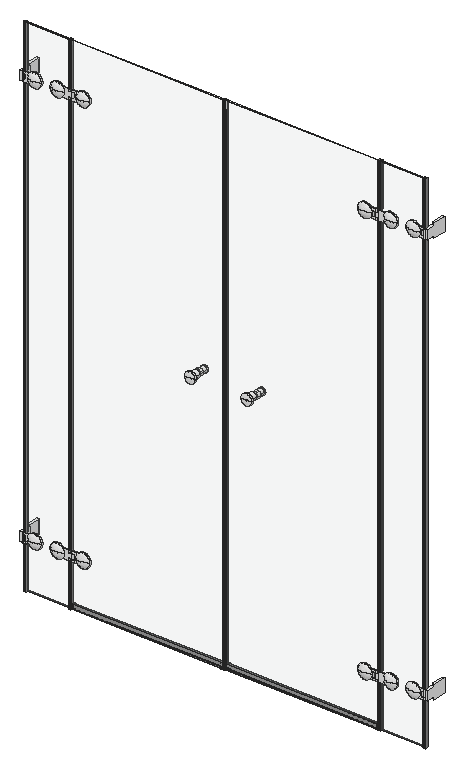
Revit family "Sanitary_Shower-screens_Duscholux_Pure-Style_Draco_Separator-Fixed-Segnment+Pivot-door-180°-shower", category Plumbing Fixtures, Revit 2016
Family settings
  Part Type = Normal
  Round Connector Dimension = Use Diameter
  OmniClass Number = 23.45.00.00
  OmniClass Title = Sanitary, Laundry, and Cleaning Equipment
  Work Plane-Based = No
  Always vertical = Yes
  Cut with Voids When Loaded = No
  Shared = No
  Room Calculation Point = No
Parameters (values of type "Platinum Aluminium Finish")
  Width fixed segment = 180 mm
  Width = 1500 mm
  Uniclass 2015 Description = "Shower Enclosures"
  Uniclass 2015 Code = "PR-40-20-06-79"
  URL = "http://www.duscholux.es/"
  UNSPSC Code = "30181507"
  Thickness Glass = 6 mm  # constant formula
  Technical Inspection Certificate (Applus) = "http://www.duscholux.es/resources/custom/var/APPLUS_en.pdf"
  Series = "Pure Style"
  Region South America = "Consult"
  Region Oceania = "Consult"
  Region North America = "Consult"
  Region Middle East = "Consult"
  Region Europe = "AD, ES, FR, PT"
  Region Asia = "Consult"
  Region Antartica = "Consult"
  Region Africa = "Consult"
  Ref. = "44C"
  Products = "http://www.duscholux.es/mamparas_filtro.aspx?es"
  Product group = "Front for shower"
  Product family = "Pure Style"
  Openning right angle = 0.00°
  Openning left angle = 0.00°
  Opening System Image = "http://blob.duscholux.es/pluma512/FD2f2pabatible180.gif"
  Opening System = "Pivot Door"
  Net Weight (Kg) = 59
  NBS Reference Description = "Shower Enclosures"
  NBS Reference Code = "45-35-70"
  Model = "Draco"
  Min Max Width = if(Width < 900 mm, 900 mm, if(Width > 2100 mm, 2100 mm, Width))  # 1500 mm
  Min Max Openning angle = if(Openning left angle < -90.00°, -90.00°, if(Openning left angle > 90.00°, 90.00°, Openning left angle))  # 0.00°
  Max Height = if(Height < 1601 mm, 1601 mm, if(Height > 2100 mm, 2100 mm, Height))  # 1900 mm
  Manufacturer name = "Duscholux Ibérica, S.A."
  Manufacturer country = "Spain"
  Maintenance and Cleaning = "http://www.duscholux.es/mamparas_limpieza.aspx?en"
  Image = "http://www.duscholux.es/resources/custom/img/mamparas/PURE%20STYLE/modelos/2F2PFDA/mampara_h.jpg"
  IFC Classification = "Furnishing Element"
  Height = 1900 mm
  Handle Material = Chrome_Finish
  Handle Height = Max Height / 2  # 950 mm
  Glass in Building UNE EN 12150 = "CE Conformity marking"
  Glass Material = Glass_Material-Duscholux
  Frame Material = Platinum Aluminium Finish
  Fact Sheet = "http://blob.duscholux.es/enpdf2018/Draco2F2PFD.pdf"
  Manufacturer = "Duscholux Ibérica, S.A."
  Environmental Management ISO 14001 = "ECOEMBES Certificate"
  Edition number = "1"
  Door aperture = (Min Max Width / 2) - Width fixed segment  # 570 mm
  Design country = "Spain / Germany"
  Description = "2 fixed segments + pivot twin doors at 180º for shower"
  Date of publishing = ""
  Assembly Code = "C1030200"
  Configuration enclosure = "http://configuratumampara.duscholux.es/eCatalogo.aspx"
  Components = "Eropean components"
  Type Comments = ""
  Combinations = "Hinge and handle to choice (Round, square or triangular)"
  Certified Quality UNE EN 14428 = "http://www.duscholux.es/duscholux_downloads.aspx?es"
  COBIe Type Category = ""
  Brand = "Duscholux"
  Accesories Material = Chrome_Finish
Types (3, lengths in mm): name | Width | Min Max Width | Max Height | Height | Handle Height | Frame Material | Door aperture
  (no name) | 1500 | 1500 | 1900 | 1900 | 950 | Platinum Aluminium Finish | 570
  Silver Matt Aluminium Finish | 900 | 900 | 1800 | 1800 | 900 | Silver Matt Aluminium Finish | 270
  Platinum Aluminium Finish | 1500 | 1500 | 1900 | 1900 | 950 | Platinum Aluminium Finish | 570
Reference planes
  plane 1 "Centro (Frontal/Posterior)": y = 0
  plane 2: z = 0
  plane 3 "Centro (Izquierda/Derecha)": x = 0
  plane 4: z = 1900
  plane 5: z = 950
  plane 6: z = 400
  plane 7: x = 4
  plane 8: y = 0
  plane 9: y = 6
  plane 10: x = 1500
  plane 11: z = 580
  plane 12: z = 1720
  plane 13: y = 8
  plane 14: x = 180
  plane 15: z = 8
  plane 16: z = 180
  plane 17: x = 750
  plane 18: x = 1320
  plane 19: x = 1496
Forms (mm)
  Extrusion 1, solid, material "Glass_Material-Duscholux" <- "Glass Material"
    sketch origin (0, 0, 0) x (1, 0, 0) y (0, 1, 0)
      loop
        line (6, 8) -> (6, 0) -> (174, 0) -> (174, 8) -> (6, 8)
    from 0 to 1900
  Extrusion 2, solid, material "Glass_Material-Duscholux" <- "Glass Material"
    sketch origin (180, 0, 0) x (1, 0, 0) y (0, 1, 0)
      loop
        line (0, 6) -> (0, 0) -> (564.7, 0) -> (564.7, 6) -> (0, 6)
    from 8 to 1900
  Extrusion 3, solid, material "Plástico, transparente"
    sketch origin (-322.583, -171.096, 0) x (1, 0, 0) y (0, 1, 0)
      loop
        line (496.583, 179.096) -> (496.583, 171.096) -> (491.583, 171.096) -> (491.583, 170.096) -> (496.583, 170.096) -> (501.183, 170.096)
        arc (501.183, 170.096) -> (502.583, 175.096) -> (501.183, 180.096) r 9.629
        line (501.183, 180.096) -> (496.583, 180.096) -> (491.583, 180.096) -> (491.583, 179.096) -> (496.583, 179.096)
      loop
        line (497.583, 170.596) -> (500.927, 170.596)
        arc (500.927, 170.596) -> (502.083, 175.096) -> (500.927, 179.596) r 9.338
        line (500.927, 179.596) -> (497.583, 179.596) -> (497.583, 170.596)
    from 1737.5 to 1900
  Extrusion 4, solid, material "Plástico, transparente"
    sketch origin (-322.583, -171.096, 0) x (1, 0, 0) y (0, 1, 0)
      loop
        line (496.583, 179.096) -> (496.583, 171.096) -> (491.583, 171.096) -> (491.583, 170.096) -> (496.583, 170.096) -> (501.183, 170.096)
        arc (501.183, 170.096) -> (502.583, 175.096) -> (501.183, 180.096) r 9.629
        line (501.183, 180.096) -> (496.583, 180.096) -> (491.583, 180.096) -> (491.583, 179.096) -> (496.583, 179.096)
      loop
        line (497.583, 170.596) -> (500.927, 170.596)
        arc (500.927, 170.596) -> (502.083, 175.096) -> (500.927, 179.596) r 9.338
        line (500.927, 179.596) -> (497.583, 179.596) -> (497.583, 170.596)
    from 197.5 to 1702.5
  Extrusion 5, solid, material "Plástico, transparente"
    sketch origin (-322.583, -171.096, 0) x (1, 0, 0) y (0, 1, 0)
      loop
        line (496.583, 179.096) -> (496.583, 171.096) -> (491.583, 171.096) -> (491.583, 170.096) -> (496.583, 170.096) -> (501.183, 170.096)
        arc (501.183, 170.096) -> (502.583, 175.096) -> (501.183, 180.096) r 9.629
        line (501.183, 180.096) -> (496.583, 180.096) -> (491.583, 180.096) -> (491.583, 179.096) -> (496.583, 179.096)
      loop
        line (497.583, 170.596) -> (500.927, 170.596)
        arc (500.927, 170.596) -> (502.083, 175.096) -> (500.927, 179.596) r 9.338
        line (500.927, 179.596) -> (497.583, 179.596) -> (497.583, 170.596)
    from 0 to 162.5
  Extrusion 6, solid, material "Plástico, transparente"
    sketch origin (542.583, -171.096, 0) x (-1, 0, 0) y (0, -1, 0)
      loop
        line (536.583, -179.096) -> (531.583, -179.096) -> (531.583, -180.096) -> (536.583, -180.096) -> (541.183, -180.096)
        arc (541.183, -180.096) -> (542.583, -175.096) -> (541.183, -170.096) r 9.629
        line (541.183, -170.096) -> (536.583, -170.096) -> (531.583, -170.096) -> (531.583, -171.096) -> (536.583, -171.096) -> (536.583, -179.096)
      loop
        line (537.583, -170.596) -> (537.583, -179.596) -> (540.927, -179.596)
        arc (540.927, -179.596) -> (542.083, -175.096) -> (540.927, -170.596) r 9.338
        line (540.927, -170.596) -> (537.583, -170.596)
    from 1737.5 to 1900
  Extrusion 7, solid, material "Plástico, transparente"
    sketch origin (542.583, -171.096, 0) x (-1, 0, 0) y (0, -1, 0)
      loop
        line (536.583, -179.096) -> (531.583, -179.096) -> (531.583, -180.096) -> (536.583, -180.096) -> (541.183, -180.096)
        arc (541.183, -180.096) -> (542.583, -175.096) -> (541.183, -170.096) r 9.629
        line (541.183, -170.096) -> (536.583, -170.096) -> (531.583, -170.096) -> (531.583, -171.096) -> (536.583, -171.096) -> (536.583, -179.096)
      loop
        line (537.583, -170.596) -> (537.583, -179.596) -> (540.927, -179.596)
        arc (540.927, -179.596) -> (542.083, -175.096) -> (540.927, -170.596) r 9.338
        line (540.927, -170.596) -> (537.583, -170.596)
    from 197.5 to 1702.5
  Extrusion 8, solid, material "Plástico, transparente"
    sketch origin (542.583, -171.096, 0) x (-1, 0, 0) y (0, -1, 0)
      loop
        line (536.583, -179.096) -> (531.583, -179.096) -> (531.583, -180.096) -> (536.583, -180.096) -> (541.183, -180.096)
        arc (541.183, -180.096) -> (542.583, -175.096) -> (541.183, -170.096) r 9.629
        line (541.183, -170.096) -> (536.583, -170.096) -> (531.583, -170.096) -> (531.583, -171.096) -> (536.583, -171.096) -> (536.583, -179.096)
      loop
        line (537.583, -170.596) -> (537.583, -179.596) -> (540.927, -179.596)
        arc (540.927, -179.596) -> (542.083, -175.096) -> (540.927, -170.596) r 9.338
        line (540.927, -170.596) -> (537.583, -170.596)
    from 0 to 162.5
  Extrusion 9, solid, material "Chrome_Finish" <- "Accesories Material"
    sketch origin (180, 0.263, 0) x (1, 0, 0) y (0, 1, 0)
      loop
        line (563.404, 6.848) -> (563.404, 5.832) -> (564.7, 5.832) -> (564.7, -0.358) -> (563.404, -0.358) -> (563.404, -1.374)
        arc (563.404, -1.374) -> (566.311, -2.148) -> (569.3, -1.81) r 8.118
        arc (569.3, -1.81) -> (569.806, -1.447) -> (570, -0.856) r 1
        line (570, -0.856) -> (570, 6.329)
        arc (570, 6.329) -> (569.806, 6.921) -> (569.3, 7.283) r 1
        arc (569.3, 7.283) -> (566.311, 7.621) -> (563.404, 6.848) r 8.118
    from 0 to 1900
  Extrusion 10, solid, material "Glass_Material-Duscholux" <- "Glass Material"
    sketch origin (750, 0, 0) x (1, 0, 0) y (0, 1, 0)
      loop
        line (5.3, 6) -> (5.3, 0) -> (570, 0) -> (570, 6) -> (5.3, 6)
    from 8 to 1900
  Extrusion 11, solid, material "Chrome_Finish" <- "Accesories Material"
    sketch origin (750, 0, 0) x (1, 0, 0) y (0, 1, 0)
      loop
        line (6.596, 6.095) -> (6.596, 7.111)
        arc (6.596, 7.111) -> (3.689, 7.884) -> (0.7, 7.547) r 8.118
        arc (0.7, 7.547) -> (0.194, 7.184) -> (0, 6.593) r 1
        line (0, 6.593) -> (0, -0.593)
        arc (0, -0.593) -> (0.194, -1.184) -> (0.7, -1.547) r 1
        arc (0.7, -1.547) -> (3.689, -1.884) -> (6.596, -1.111) r 8.118
        line (6.596, -1.111) -> (6.596, -0.095) -> (5.3, -0.095) -> (5.3, 3) -> (5.3, 6.095) -> (6.596, 6.095)
    from 0 to 1900
  Extrusion 12, solid, material "Plástico, transparente"
    sketch origin (1622.583, -171.096, 0) x (-1, 0, 0) y (0, -1, 0)
      loop
        line (296.583, -179.096) -> (291.583, -179.096) -> (291.583, -180.096) -> (296.583, -180.096) -> (301.183, -180.096)
        arc (301.183, -180.096) -> (302.583, -175.096) -> (301.183, -170.096) r 9.629
        line (301.183, -170.096) -> (296.583, -170.096) -> (291.583, -170.096) -> (291.583, -171.096) -> (296.583, -171.096) -> (296.583, -179.096)
      loop
        line (297.583, -170.596) -> (297.583, -179.596) -> (300.927, -179.596)
        arc (300.927, -179.596) -> (302.083, -175.096) -> (300.927, -170.596) r 9.338
        line (300.927, -170.596) -> (297.583, -170.596)
    from 1737.5 to 1900
  Extrusion 13, solid, material "Plástico, transparente"
    sketch origin (757.417, -171.096, 0) x (1, 0, 0) y (0, 1, 0)
      loop
        line (736.583, 179.096) -> (736.583, 171.096) -> (731.583, 171.096) -> (731.583, 170.096) -> (736.583, 170.096) -> (741.183, 170.096)
        arc (741.183, 170.096) -> (742.583, 175.096) -> (741.183, 180.096) r 9.629
        line (741.183, 180.096) -> (736.583, 180.096) -> (731.583, 180.096) -> (731.583, 179.096) -> (736.583, 179.096)
      loop
        line (737.583, 170.596) -> (740.927, 170.596)
        arc (740.927, 170.596) -> (742.083, 175.096) -> (740.927, 179.596) r 9.338
        line (740.927, 179.596) -> (737.583, 179.596) -> (737.583, 170.596)
    from 1737.5 to 1900
  Extrusion 14, solid, material "Glass_Material-Duscholux" <- "Glass Material"
    sketch origin (0, 0, 0) x (1, 0, 0) y (0, 1, 0)
      loop
        line (1326, 8) -> (1326, 0) -> (1494, 0) -> (1494, 8) -> (1326, 8)
    from 0 to 1900
  Extrusion 15, solid, material "Plástico, transparente"
    sketch origin (1622.583, -171.096, 0) x (-1, 0, 0) y (0, -1, 0)
      loop
        line (296.583, -179.096) -> (291.583, -179.096) -> (291.583, -180.096) -> (296.583, -180.096) -> (301.183, -180.096)
        arc (301.183, -180.096) -> (302.583, -175.096) -> (301.183, -170.096) r 9.629
        line (301.183, -170.096) -> (296.583, -170.096) -> (291.583, -170.096) -> (291.583, -171.096) -> (296.583, -171.096) -> (296.583, -179.096)
      loop
        line (297.583, -170.596) -> (297.583, -179.596) -> (300.927, -179.596)
        arc (300.927, -179.596) -> (302.083, -175.096) -> (300.927, -170.596) r 9.338
        line (300.927, -170.596) -> (297.583, -170.596)
    from 197.5 to 1702.5
  Extrusion 16, solid, material "Plástico, transparente"
    sketch origin (757.417, -171.096, 0) x (1, 0, 0) y (0, 1, 0)
      loop
        line (736.583, 179.096) -> (736.583, 171.096) -> (731.583, 171.096) -> (731.583, 170.096) -> (736.583, 170.096) -> (741.183, 170.096)
        arc (741.183, 170.096) -> (742.583, 175.096) -> (741.183, 180.096) r 9.629
        line (741.183, 180.096) -> (736.583, 180.096) -> (731.583, 180.096) -> (731.583, 179.096) -> (736.583, 179.096)
      loop
        line (737.583, 170.596) -> (740.927, 170.596)
        arc (740.927, 170.596) -> (742.083, 175.096) -> (740.927, 179.596) r 9.338
        line (740.927, 179.596) -> (737.583, 179.596) -> (737.583, 170.596)
    from 197.5 to 1702.5
  Extrusion 17, solid, material "Plástico, transparente"
    sketch origin (1622.583, -171.096, 0) x (-1, 0, 0) y (0, -1, 0)
      loop
        line (296.583, -179.096) -> (291.583, -179.096) -> (291.583, -180.096) -> (296.583, -180.096) -> (301.183, -180.096)
        arc (301.183, -180.096) -> (302.583, -175.096) -> (301.183, -170.096) r 9.629
        line (301.183, -170.096) -> (296.583, -170.096) -> (291.583, -170.096) -> (291.583, -171.096) -> (296.583, -171.096) -> (296.583, -179.096)
      loop
        line (297.583, -170.596) -> (297.583, -179.596) -> (300.927, -179.596)
        arc (300.927, -179.596) -> (302.083, -175.096) -> (300.927, -170.596) r 9.338
        line (300.927, -170.596) -> (297.583, -170.596)
    from 0 to 162.5
  Extrusion 18, solid, material "Plástico, transparente"
    sketch origin (757.417, -171.096, 0) x (1, 0, 0) y (0, 1, 0)
      loop
        line (736.583, 179.096) -> (736.583, 171.096) -> (731.583, 171.096) -> (731.583, 170.096) -> (736.583, 170.096) -> (741.183, 170.096)
        arc (741.183, 170.096) -> (742.583, 175.096) -> (741.183, 180.096) r 9.629
        line (741.183, 180.096) -> (736.583, 180.096) -> (731.583, 180.096) -> (731.583, 179.096) -> (736.583, 179.096)
      loop
        line (737.583, 170.596) -> (740.927, 170.596)
        arc (740.927, 170.596) -> (742.083, 175.096) -> (740.927, 179.596) r 9.338
        line (740.927, 179.596) -> (737.583, 179.596) -> (737.583, 170.596)
    from 0 to 162.5
Lines and regions (mm)
  reference lines
    curve 1: line (180, 0, 0) -> (750, 0, 0)
    curve 2: line (750, 0, 0) -> (1320, 0, 0)
  symbolic lines
    curve 3: line (180, -570, 0) -> (180, 0, 0)
    curve 4: line (180, 570, 0) -> (180, 0, 0)
    curve 5: arc (180, 570, 0) -> (750, 0, 0) -> (180, -570, 0) r 570
    curve 6: line (1320, 570, 0) -> (1320, 0, 0)
    curve 7: line (1320, -570, 0) -> (1320, 0, 0)
    curve 8: arc (1320, -570, 0) -> (750, 0, 0) -> (1320, 570, 0) r 570
Dimensions and locks
  locked: plane 3 "Centro (Izquierda/Derecha)" to plane 7 at 4
  "Handle Height": plane 5 to level
  "Min Max Width": plane 3 "Centro (Izquierda/Derecha)" to plane 10
  locked: nested 5 to Extrusion 4 at 17.5
  locked: Extrusion 3 to plane 12 at 17.5
  "Width fixed segment": plane 3 "Centro (Izquierda/Derecha)" to plane 14
  locked: nested 5 to plane 14 at 6
  locked: plane 14 to nested 5 at 6
  "Door aperture": curve 1 to curve 1
  locked: plane 15 to level at 8
  locked: plane 16 to level at 180
  plane 3 "Centro (Izquierda/Derecha)" to Extrusion 8 = 6 mm
  "Max Height": plane 4 to level
  locked: plane 4 to plane 12 at 180
  locked: nested 11 to plane 12 at 17.5
  equal spacing: plane 3 "Centro (Izquierda/Derecha)", plane 17, plane 10
  locked: nested 7 to Extrusion 2 at 100
  "Width fixed segment": plane 18 to plane 10
  "Door aperture": curve 2 to curve 2
  locked: plane 19 to plane 10 at 4
  locked: Extrusion 10 to nested 20 at 100
  "Door aperture": curve 3 to curve 3
  "Door aperture": curve 4 to curve 4
  "Door aperture": curve 6 to curve 6
  "Door aperture": curve 7 to curve 7
  "Openning left angle": angle curve 1 to plane 8
  "Openning right angle": angle plane 8 to curve 2
  aligned and locked: level to plane 2
  aligned and locked: plane 12 to nested 2
  aligned and locked: plane 4 to Extrusion 1
  aligned and locked: plane 14 to curve 1
  aligned and locked: plane 8 to curve 1
  aligned and locked: plane 4 to Extrusion 2
  aligned and locked: nested 5 to plane 12
  aligned and locked: Extrusion 3 to Extrusion 1
  aligned and locked: nested 7 to nested 6
  aligned and locked: plane 5 to nested 6
  aligned and locked: plane 5 to nested 7
  aligned and locked: nested 5 to nested 3
  aligned and locked: Extrusion 4 to Extrusion 7
  aligned and locked: Extrusion 1 to Extrusion 6
  aligned and locked: Extrusion 6 to Extrusion 3
  aligned and locked: Extrusion 2 to nested 8
  aligned and locked: nested 8 to Extrusion 2
  aligned and locked: nested 4 to Extrusion 2
  aligned and locked: nested 10 to plane 12
  aligned and locked: nested 10 to Extrusion 2
  aligned and locked: Extrusion 2 to plane 15
  aligned and locked: plane 16 to nested 1
  aligned and locked: Extrusion 5 to level
  aligned and locked: nested 1 to Extrusion 4
  aligned and locked: Extrusion 7 to nested 9
  aligned and locked: Extrusion 8 to level
  aligned and locked: Extrusion 8 to nested 9
  aligned and locked: plane 3 "Centro (Izquierda/Derecha)" to nested 9
  aligned and locked: plane 4 to Extrusion 9
  aligned and locked: plane 8 to curve 2
  aligned and locked: plane 18 to curve 2
  aligned and locked: Extrusion 2 to Extrusion 10
  aligned and locked: plane 4 to Extrusion 10
  aligned and locked: plane 4 to Extrusion 11
  aligned and locked: plane 4 to Extrusion 14
  aligned and locked: plane 12 to nested 15
  aligned and locked: plane 12 to nested 13
  aligned and locked: plane 12 to nested 18
  aligned and locked: nested 19 to plane 12
  aligned and locked: nested 16 to plane 16
  aligned and locked: plane 16 to nested 17
  aligned and locked: plane 10 to nested 19
  aligned and locked: plane 10 to nested 16
  aligned and locked: nested 18 to nested 17
  aligned and locked: Extrusion 14 to Extrusion 12
  aligned and locked: Extrusion 13 to Extrusion 14
  aligned and locked: Extrusion 3 to Extrusion 12
  aligned and locked: Extrusion 3 to Extrusion 13
  aligned and locked: Extrusion 15 to Extrusion 4
  aligned and locked: Extrusion 4 to Extrusion 15
  aligned and locked: Extrusion 16 to Extrusion 15
  aligned and locked: Extrusion 15 to Extrusion 16
  aligned and locked: Extrusion 17 to Extrusion 14
  aligned and locked: Extrusion 17 to Extrusion 5
  aligned and locked: Extrusion 18 to Extrusion 17
  aligned and locked: plane 5 to nested 20
  aligned and locked: plane 5 to nested 21
  aligned and locked: nested 22 to Extrusion 10
  aligned and locked: plane 18 to nested 22
Automatic sketch dimensions
  plane 1 "Centro (Frontal/Posterior)" to Extrusion 1 sketch curve = 0 mm
  Extrusion 1 sketch curve to plane 13 = 0 mm
  plane 7 to Extrusion 1 sketch curve = 2 mm
  Extrusion 1 sketch curve to plane 14 = 6 mm
  Extrusion 2 sketch curve to curve 1 = 0 mm  (x2)
  curve 1 to Extrusion 2 sketch curve = 6 mm
  Extrusion 2 sketch curve to curve 1 = 5.3 mm
  Extrusion 3 sketch curve to plane 13 = 0 mm
  plane 1 "Centro (Frontal/Posterior)" to Extrusion 3 sketch curve = 0 mm
  Extrusion 3 sketch curve to plane 14 = 11 mm
  Extrusion 3 sketch curve to Extrusion 3 sketch curve = 0 mm  (x4)
  Extrusion 3 sketch curve to plane 9 = 2 mm
  Extrusion 3 sketch curve to Extrusion 3 sketch curve = 1.162 mm
  Extrusion 3 sketch curve to Extrusion 3 sketch curve = 0.209 mm
  Extrusion 3 sketch curve to Extrusion 3 sketch curve = 5 mm
  plane 1 "Centro (Frontal/Posterior)" to Extrusion 3 sketch curve = 0.5 mm
  Extrusion 3 sketch curve to Extrusion 3 sketch curve = 1 mm  (x2)
  plane 13 to Extrusion 3 sketch curve = 0.5 mm
  Extrusion 3 sketch curve to plane 14 = 1.656 mm
  Extrusion 3 sketch curve to Extrusion 3 sketch curve = 0.256 mm  (x2)
  Extrusion 4 sketch curve to plane 13 = 0 mm
  plane 1 "Centro (Frontal/Posterior)" to Extrusion 4 sketch curve = 0 mm
  Extrusion 4 sketch curve to plane 14 = 11 mm
  Extrusion 4 sketch curve to Extrusion 4 sketch curve = 0 mm  (x4)
  Extrusion 4 sketch curve to plane 9 = 2 mm
  Extrusion 4 sketch curve to Extrusion 4 sketch curve = 1.162 mm
  Extrusion 4 sketch curve to Extrusion 4 sketch curve = 0.209 mm
  Extrusion 4 sketch curve to Extrusion 4 sketch curve = 5 mm
  plane 1 "Centro (Frontal/Posterior)" to Extrusion 4 sketch curve = 0.5 mm
  Extrusion 4 sketch curve to Extrusion 4 sketch curve = 1 mm  (x2)
  plane 13 to Extrusion 4 sketch curve = 0.5 mm
  Extrusion 4 sketch curve to plane 14 = 1.656 mm
  Extrusion 4 sketch curve to Extrusion 4 sketch curve = 0.256 mm  (x2)
  Extrusion 5 sketch curve to plane 13 = 0 mm
  plane 1 "Centro (Frontal/Posterior)" to Extrusion 5 sketch curve = 0 mm
  Extrusion 5 sketch curve to plane 14 = 11 mm
  Extrusion 5 sketch curve to Extrusion 5 sketch curve = 0 mm  (x4)
  Extrusion 5 sketch curve to plane 9 = 2 mm
  Extrusion 5 sketch curve to Extrusion 5 sketch curve = 1.162 mm
  Extrusion 5 sketch curve to Extrusion 5 sketch curve = 0.209 mm
  Extrusion 5 sketch curve to Extrusion 5 sketch curve = 5 mm
  plane 1 "Centro (Frontal/Posterior)" to Extrusion 5 sketch curve = 0.5 mm
  Extrusion 5 sketch curve to Extrusion 5 sketch curve = 1 mm  (x2)
  plane 13 to Extrusion 5 sketch curve = 0.5 mm
  Extrusion 5 sketch curve to plane 14 = 1.656 mm
  Extrusion 5 sketch curve to Extrusion 5 sketch curve = 0.256 mm  (x2)
  Extrusion 6 sketch curve to plane 13 = 0 mm
  plane 1 "Centro (Frontal/Posterior)" to Extrusion 6 sketch curve = 0 mm
  Extrusion 6 sketch curve to plane 7 = 7 mm  (x2)
  plane 9 to Extrusion 6 sketch curve = 2 mm
  Extrusion 6 sketch curve to Extrusion 6 sketch curve = 1.162 mm
  Extrusion 6 sketch curve to Extrusion 6 sketch curve = 0.209 mm
  Extrusion 6 sketch curve to plane 7 = 2 mm
  Extrusion 6 sketch curve to Extrusion 6 sketch curve = 0 mm  (x3)
  Extrusion 6 sketch curve to plane 1 "Centro (Frontal/Posterior)" = 0.5 mm
  Extrusion 6 sketch curve to plane 7 = 1 mm
  Extrusion 6 sketch curve to plane 13 = 0.5 mm
  Extrusion 6 sketch curve to plane 3 "Centro (Izquierda/Derecha)" = 1.656 mm
  Extrusion 6 sketch curve to Extrusion 6 sketch curve = 0.256 mm  (x2)
  Extrusion 6 sketch curve to plane 1 "Centro (Frontal/Posterior)" = 1 mm
  Extrusion 7 sketch curve to plane 13 = 0 mm
  plane 1 "Centro (Frontal/Posterior)" to Extrusion 7 sketch curve = 0 mm
  Extrusion 7 sketch curve to plane 7 = 7 mm  (x2)
  plane 9 to Extrusion 7 sketch curve = 2 mm
  Extrusion 7 sketch curve to Extrusion 7 sketch curve = 1.162 mm
  Extrusion 7 sketch curve to Extrusion 7 sketch curve = 0.209 mm
  Extrusion 7 sketch curve to plane 7 = 2 mm
  Extrusion 7 sketch curve to Extrusion 7 sketch curve = 0 mm  (x3)
  Extrusion 7 sketch curve to plane 1 "Centro (Frontal/Posterior)" = 0.5 mm
  Extrusion 7 sketch curve to plane 7 = 1 mm
  Extrusion 7 sketch curve to plane 13 = 0.5 mm
  Extrusion 7 sketch curve to plane 3 "Centro (Izquierda/Derecha)" = 1.656 mm
  Extrusion 7 sketch curve to Extrusion 7 sketch curve = 0.256 mm  (x2)
  Extrusion 7 sketch curve to plane 1 "Centro (Frontal/Posterior)" = 1 mm
  Extrusion 8 sketch curve to plane 13 = 0 mm
  plane 1 "Centro (Frontal/Posterior)" to Extrusion 8 sketch curve = 0 mm
  Extrusion 8 sketch curve to plane 7 = 7 mm  (x2)
  plane 9 to Extrusion 8 sketch curve = 2 mm
  Extrusion 8 sketch curve to Extrusion 8 sketch curve = 1.162 mm
  Extrusion 8 sketch curve to Extrusion 8 sketch curve = 0.209 mm
  Extrusion 8 sketch curve to plane 7 = 2 mm
  Extrusion 8 sketch curve to Extrusion 8 sketch curve = 0 mm  (x3)
  Extrusion 8 sketch curve to plane 1 "Centro (Frontal/Posterior)" = 0.5 mm
  Extrusion 8 sketch curve to plane 7 = 1 mm
  Extrusion 8 sketch curve to plane 13 = 0.5 mm
  Extrusion 8 sketch curve to plane 3 "Centro (Izquierda/Derecha)" = 1.656 mm
  Extrusion 8 sketch curve to Extrusion 8 sketch curve = 0.256 mm  (x2)
  Extrusion 8 sketch curve to plane 1 "Centro (Frontal/Posterior)" = 1 mm
  Extrusion 9 sketch curve to curve 1 = 0 mm
  Extrusion 9 sketch curve to curve 1 = 0.593 mm
  curve 1 to Extrusion 9 sketch curve = 6.593 mm
  Extrusion 9 sketch curve to Extrusion 9 sketch curve = 1 mm  (x2)
  Extrusion 9 sketch curve to Extrusion 9 sketch curve = 2.091 mm  (x2)
  curve 1 to Extrusion 9 sketch curve = 0.211 mm
  Extrusion 9 sketch curve to Extrusion 9 sketch curve = 2.209 mm
  curve 1 to Extrusion 9 sketch curve = 0.095 mm
  Extrusion 9 sketch curve to Extrusion 9 sketch curve = 1.296 mm  (x2)
  Extrusion 9 sketch curve to Extrusion 9 sketch curve = 1.016 mm  (x2)
  Extrusion 9 sketch curve to Extrusion 9 sketch curve = 0.498 mm
  Extrusion 9 sketch curve to Extrusion 9 sketch curve = 0.381 mm
  curve 2 to Extrusion 10 sketch curve = 0 mm
  Extrusion 10 sketch curve to curve 2 = 0 mm
  curve 2 to Extrusion 10 sketch curve = 6 mm
  curve 2 to Extrusion 10 sketch curve = 5.3 mm
  curve 2 to Extrusion 11 sketch curve = 0 mm
  Extrusion 11 sketch curve to Extrusion 11 sketch curve = 1 mm  (x2)
  Extrusion 11 sketch curve to Extrusion 11 sketch curve = 2.091 mm  (x2)
  curve 2 to Extrusion 11 sketch curve = 0.211 mm
  Extrusion 11 sketch curve to Extrusion 11 sketch curve = 2.209 mm
  Extrusion 11 sketch curve to Extrusion 11 sketch curve = 1.296 mm  (x2)
  curve 2 to Extrusion 11 sketch curve = 0.095 mm
  curve 2 to Extrusion 11 sketch curve = 0.593 mm
  Extrusion 11 sketch curve to Extrusion 11 sketch curve = 1.016 mm  (x2)
  Extrusion 11 sketch curve to curve 2 = 3 mm
  Extrusion 11 sketch curve to Extrusion 11 sketch curve = 3.095 mm
  Extrusion 11 sketch curve to Extrusion 11 sketch curve = 0.116 mm
  curve 2 to Extrusion 11 sketch curve = 6.593 mm
  Extrusion 12 sketch curve to plane 13 = 0 mm
  plane 1 "Centro (Frontal/Posterior)" to Extrusion 12 sketch curve = 0 mm
  Extrusion 12 sketch curve to plane 18 = 11 mm
  Extrusion 12 sketch curve to Extrusion 12 sketch curve = 0 mm  (x4)
  plane 9 to Extrusion 12 sketch curve = 2 mm
  Extrusion 12 sketch curve to Extrusion 12 sketch curve = 1.162 mm
  Extrusion 12 sketch curve to Extrusion 12 sketch curve = 0.209 mm
  Extrusion 12 sketch curve to Extrusion 12 sketch curve = 5 mm
  Extrusion 12 sketch curve to plane 1 "Centro (Frontal/Posterior)" = 0.5 mm
  Extrusion 12 sketch curve to Extrusion 12 sketch curve = 1 mm  (x2)
  Extrusion 12 sketch curve to plane 13 = 0.5 mm
  Extrusion 12 sketch curve to plane 18 = 1.656 mm
  Extrusion 12 sketch curve to Extrusion 12 sketch curve = 0.256 mm  (x2)
  Extrusion 13 sketch curve to plane 13 = 0 mm
  plane 1 "Centro (Frontal/Posterior)" to Extrusion 13 sketch curve = 0 mm
  Extrusion 13 sketch curve to plane 19 = 7 mm  (x2)
  Extrusion 13 sketch curve to plane 9 = 2 mm
  Extrusion 13 sketch curve to Extrusion 13 sketch curve = 1.162 mm
  Extrusion 13 sketch curve to Extrusion 13 sketch curve = 0.209 mm
  Extrusion 13 sketch curve to plane 19 = 2 mm
  Extrusion 13 sketch curve to Extrusion 13 sketch curve = 0 mm  (x3)
  plane 1 "Centro (Frontal/Posterior)" to Extrusion 13 sketch curve = 0.5 mm
  Extrusion 13 sketch curve to plane 19 = 1 mm
  plane 13 to Extrusion 13 sketch curve = 0.5 mm
  Extrusion 13 sketch curve to plane 10 = 1.656 mm
  Extrusion 13 sketch curve to Extrusion 13 sketch curve = 0.256 mm  (x2)
  Extrusion 13 sketch curve to Extrusion 13 sketch curve = 1 mm
  plane 1 "Centro (Frontal/Posterior)" to Extrusion 14 sketch curve = 0 mm
  Extrusion 14 sketch curve to plane 13 = 0 mm
  plane 18 to Extrusion 14 sketch curve = 6 mm
  Extrusion 14 sketch curve to plane 19 = 2 mm
  Extrusion 15 sketch curve to plane 13 = 0 mm
  plane 1 "Centro (Frontal/Posterior)" to Extrusion 15 sketch curve = 0 mm
  Extrusion 15 sketch curve to plane 18 = 11 mm
  Extrusion 15 sketch curve to Extrusion 15 sketch curve = 0 mm  (x4)
  plane 9 to Extrusion 15 sketch curve = 2 mm
  Extrusion 15 sketch curve to Extrusion 15 sketch curve = 1.162 mm
  Extrusion 15 sketch curve to Extrusion 15 sketch curve = 0.209 mm
  Extrusion 15 sketch curve to Extrusion 15 sketch curve = 5 mm
  Extrusion 15 sketch curve to plane 1 "Centro (Frontal/Posterior)" = 0.5 mm
  Extrusion 15 sketch curve to Extrusion 15 sketch curve = 1 mm  (x2)
  Extrusion 15 sketch curve to plane 13 = 0.5 mm
  Extrusion 15 sketch curve to plane 18 = 1.656 mm
  Extrusion 15 sketch curve to Extrusion 15 sketch curve = 0.256 mm  (x2)
  Extrusion 16 sketch curve to plane 13 = 0 mm
  plane 1 "Centro (Frontal/Posterior)" to Extrusion 16 sketch curve = 0 mm
  Extrusion 16 sketch curve to plane 19 = 7 mm  (x2)
  Extrusion 16 sketch curve to plane 9 = 2 mm
  Extrusion 16 sketch curve to Extrusion 16 sketch curve = 1.162 mm
  Extrusion 16 sketch curve to Extrusion 16 sketch curve = 0.209 mm
  Extrusion 16 sketch curve to plane 19 = 2 mm
  Extrusion 16 sketch curve to Extrusion 16 sketch curve = 0 mm  (x3)
  plane 1 "Centro (Frontal/Posterior)" to Extrusion 16 sketch curve = 0.5 mm
  Extrusion 16 sketch curve to plane 19 = 1 mm
  plane 13 to Extrusion 16 sketch curve = 0.5 mm
  Extrusion 16 sketch curve to plane 10 = 1.656 mm
  Extrusion 16 sketch curve to Extrusion 16 sketch curve = 0.256 mm  (x2)
  Extrusion 16 sketch curve to Extrusion 16 sketch curve = 1 mm
  Extrusion 17 sketch curve to plane 13 = 0 mm
  plane 1 "Centro (Frontal/Posterior)" to Extrusion 17 sketch curve = 0 mm
  Extrusion 17 sketch curve to plane 18 = 11 mm
  Extrusion 17 sketch curve to Extrusion 17 sketch curve = 0 mm  (x4)
  plane 9 to Extrusion 17 sketch curve = 2 mm
  Extrusion 17 sketch curve to Extrusion 17 sketch curve = 1.162 mm
  Extrusion 17 sketch curve to Extrusion 17 sketch curve = 0.209 mm
  Extrusion 17 sketch curve to Extrusion 17 sketch curve = 5 mm
  Extrusion 17 sketch curve to plane 1 "Centro (Frontal/Posterior)" = 0.5 mm
  Extrusion 17 sketch curve to Extrusion 17 sketch curve = 1 mm
  Extrusion 17 sketch curve to plane 13 = 0.5 mm
  Extrusion 17 sketch curve to plane 18 = 1.656 mm
  Extrusion 17 sketch curve to Extrusion 17 sketch curve = 0.256 mm  (x2)
  Extrusion 17 sketch curve to plane 1 "Centro (Frontal/Posterior)" = 1 mm
  Extrusion 18 sketch curve to plane 13 = 0 mm
  plane 1 "Centro (Frontal/Posterior)" to Extrusion 18 sketch curve = 0 mm
  Extrusion 18 sketch curve to plane 19 = 7 mm
  Extrusion 18 sketch curve to Extrusion 18 sketch curve = 0 mm  (x4)
  Extrusion 18 sketch curve to plane 9 = 2 mm
  Extrusion 18 sketch curve to Extrusion 18 sketch curve = 1.162 mm
  Extrusion 18 sketch curve to Extrusion 18 sketch curve = 0.209 mm
  Extrusion 18 sketch curve to Extrusion 18 sketch curve = 5 mm
  plane 1 "Centro (Frontal/Posterior)" to Extrusion 18 sketch curve = 0.5 mm
  Extrusion 18 sketch curve to Extrusion 18 sketch curve = 1 mm  (x2)
  plane 13 to Extrusion 18 sketch curve = 0.5 mm
  Extrusion 18 sketch curve to Extrusion 18 sketch curve = 3.344 mm
  Extrusion 18 sketch curve to Extrusion 18 sketch curve = 0.256 mm  (x2)
  plane 1 "Centro (Frontal/Posterior)" to curve 3 = 0 mm
  curve 3 to plane 14 = 0 mm
  curve 6 to plane 18 = 0 mm
  plane 1 "Centro (Frontal/Posterior)" to curve 7 = 0 mm
Nested families
  nested 1: "Hinge (Wall)" at (0, 0, 155), type "Hinge (Wall)"
  nested 2: "Hinge (Wall)" at (0, 0, 1695), type "Hinge (Wall)"
  nested 3: "Hinge (Fixed segment)" at (178, 0, 180) x (1, 0, 0) z (0, -1, 0), type "Hinge (Fixed segment)"
  nested 4: "Hinge (Door)" at (180, 0, 180) x (1, 0, 0) z (0, -1, 0), type "Hinge (Door)"
  nested 5: "Hinge (Fixed segment)" at (178, 0, 1720) x (1, 0, 0) z (0, -1, 0), type "Hinge (Fixed segment)"
  nested 6: "Ext.-Handle-Purestyle" at (644.7, 0, 950) x (-1, 0, 0) z (0, -1, 0), type "Ext.-Handle-Purestyle"
  nested 7: "Int.-Handle-Purestyle" at (644.7, 6, 950) x (1, 0, 0) z (0, 1, 0), type "Int.-Handle-Purestyle"
  nested 8: "Lower- Guide" at (180, 2.737, 8), type "Lower-Guide"
    with built-in parameter 1001306 1.8527 (stored number, unit not read)
  nested 9: "Hinge (Glass)" at (0, 0, 180) x (1, 0, 0) z (0, -1, 0), type "Hinge (Glass)"
  nested 10: "Hinge (Door)" at (180, 0, 1720) x (1, 0, 0) z (0, -1, 0), type "Hinge (Door)"
  nested 11: "Hinge (Glass)" at (0, 0, 1720) x (1, 0, 0) z (0, -1, 0), type "Hinge (Glass)"
  nested 12: "Hinge (Door)" at (1320, 0, 180) x (-1, 0, 0) z (0, -1, 0), type "Hinge (Door)"
  nested 13: "Hinge (Door)" at (1320, 0, 1720) x (-1, 0, 0) z (0, -1, 0), type "Hinge (Door)"
  nested 14: "Hinge (Fixed segment)" at (1322, 0, 180) x (-1, 0, 0) z (0, -1, 0), type "Hinge (Fixed segment)"
  nested 15: "Hinge (Fixed segment)" at (1322, 0, 1720) x (-1, 0, 0) z (0, -1, 0), type "Hinge (Fixed segment)"
  nested 16: "Hinge (Wall)" at (1500, 0, 155) x (-1, 0, 0) z (0, 0, 1), type "Hinge (Wall)"
  nested 17: "Hinge (Glass)" at (1500, 0, 180) x (-1, 0, 0) z (0, -1, 0), type "Hinge (Glass)"
  nested 18: "Hinge (Glass)" at (1500, 0, 1720) x (-1, 0, 0) z (0, -1, 0), type "Hinge (Glass)"
  nested 19: "Hinge (Wall)" at (1500, 0, 1695) x (-1, 0, 0) z (0, 0, 1), type "Hinge (Wall)"
  nested 20: "Ext.-Handle-Purestyle" at (855.3, 0, 950) x (-1, 0, 0) z (0, -1, 0), type "Ext.-Handle-Purestyle"
  nested 21: "Int.-Handle-Purestyle" at (857.898, 6, 950) x (1, 0, 0) z (0, 1, 0), type "Int.-Handle-Purestyle"
  nested 22: "Lower- Guide" at (755.3, 2.717, 8), type "Lower-Guide"
    with built-in parameter 1001306 1.8527 (stored number, unit not read)
Definition of nested family "Hinge (Wall)"
  Parameters (values of type "pletina pared")
    Material Accesorios = none
    Accesories Material = none
  Reference planes
    plane 1 "Centro (Frontal/Posterior)": y = 0
    plane 2: z = 0
    plane 3 "Centro (Izquierda/Derecha)": x = 0
    plane 4: z = 50
    plane 5: z = 42.5
    plane 6: z = 7.5
    plane 7: z = 25
  Forms (mm)
    Extrusion 1, solid, material <- "Accesories Material"
      sketch origin (0, 0, 0) x (1, 0, 0) y (0, 1, 0)
        loop
          line (-3.514, 75) -> (-10, 75) -> (-10, -4) -> (0, -4) -> (0, 32) -> (-1.514, 32) -> (-1.514, 73)
          arc (-1.514, 73) -> (-2.1, 74.414) -> (-3.514, 75) r 2
      from 0 to 50
    Extrusion 2, void
      sketch origin (0, 0, 0) x (1, 0, 0) y (0, 1, 0)
        loop
          line (-10, -4) -> (0, -4) -> (0, 32) -> (-1.514, 32) -> (-10, 26.002) -> (-10, -4)
      from 42.5 to 50
    Extrusion 3, void
      sketch origin (0, 0, 0) x (1, 0, 0) y (0, 1, 0)
        loop
          line (-10, 26.002) -> (-10, -4) -> (0, -4) -> (0, 32) -> (-1.514, 32) -> (-10, 26.002)
      from 0 to 7.5
  Cuts and joins
    Extrusion 2, Extrusion 3 cuts Extrusion 1
  Dimensions and locks
    equal spacing: plane 4, plane 7, level
    aligned and locked: level to plane 2
    aligned and locked: plane 4 to Extrusion 1
    aligned and locked: Extrusion 2 to Extrusion 1
    aligned and locked: Extrusion 2 to plane 5
    aligned and locked: Extrusion 3 to level
    aligned and locked: plane 6 to Extrusion 3
    aligned and locked: Extrusion 1 to Extrusion 2
    aligned and locked: Extrusion 1 to Extrusion 3
  Automatic sketch dimensions
    Extrusion 1 sketch curve to plane 3 "Centro (Izquierda/Derecha)" = 0 mm
    Extrusion 1 sketch curve to plane 3 "Centro (Izquierda/Derecha)" = 1.514 mm
    Extrusion 1 sketch curve to Extrusion 1 sketch curve = 2 mm
    plane 1 "Centro (Frontal/Posterior)" to Extrusion 1 sketch curve = 4 mm
    Extrusion 1 sketch curve to plane 3 "Centro (Izquierda/Derecha)" = 10 mm
    Extrusion 1 sketch curve to plane 1 "Centro (Frontal/Posterior)" = 32 mm
    Extrusion 1 sketch curve to Extrusion 1 sketch curve = 41 mm
    Extrusion 2 sketch curve to plane 3 "Centro (Izquierda/Derecha)" = 0 mm
    Extrusion 2 sketch curve to plane 3 "Centro (Izquierda/Derecha)" = 1.514 mm
    plane 1 "Centro (Frontal/Posterior)" to Extrusion 2 sketch curve = 4 mm
    Extrusion 2 sketch curve to plane 3 "Centro (Izquierda/Derecha)" = 10 mm
    Extrusion 2 sketch curve to plane 1 "Centro (Frontal/Posterior)" = 26.002 mm
    Extrusion 2 sketch curve to Extrusion 2 sketch curve = 5.998 mm
    Extrusion 3 sketch curve to plane 3 "Centro (Izquierda/Derecha)" = 0 mm
    Extrusion 3 sketch curve to plane 3 "Centro (Izquierda/Derecha)" = 1.514 mm
    Extrusion 3 sketch curve to plane 3 "Centro (Izquierda/Derecha)" = 10 mm
    plane 1 "Centro (Frontal/Posterior)" to Extrusion 3 sketch curve = 4 mm
    Extrusion 3 sketch curve to plane 1 "Centro (Frontal/Posterior)" = 26.002 mm
    Extrusion 3 sketch curve to Extrusion 3 sketch curve = 5.998 mm
Definition of nested family "Hinge (Fixed segment)"
  Parameters (values of type "pletina fijo")
    Default Elevation = 1219.2 mm
    Accesories Material = none
  Reference planes
    plane 1 "Centro (Frontal/Posterior)": y = 0
    plane 2: z = 0
    plane 3 "Centro (Izquierda/Derecha)": x = 0
    plane 4: y = 17.5
    plane 5: y = -17.5
    plane 6: x = 43.993
  Forms (mm)
    Extrusion 1, solid
      sketch origin (0, 0, 0) x (1, 0, 0) y (0, 1, 0)
        loop
          line (-1219.2, 1219.2) -> (-1219.2, -1219.2) -> (1219.2, -1219.2) -> (1219.2, 1219.2) -> (-1219.2, 1219.2)
      from 0 to -304.8
    Extrusion 2, solid, material <- "Accesories Material"
      sketch origin (-4, 0, 0) x (-1, 0, 0) y (0, -1, 0)
        loop
          line (0, -17.5) -> (25.565, -17.5)
          arc (25.565, -17.5) -> (70.793, 0) -> (25.565, 17.5) r 26
          line (25.565, 17.5) -> (0, 17.5) -> (0, -17.5)
      from 0 to 4
    Extrusion 3, solid, material <- "Accesories Material"
      sketch origin (0, 0, 0) x (1, 0, 0) y (0, 1, 0)
        loop
          line (0, -9.5) -> (0, 9.5) -> (-4, 9.5) -> (-4, -9.5) -> (0, -9.5)
      from 0 to 4
    Revolve 4, solid, material <- "Accesories Material"
      sketch origin (-92.787, 0, 0) x (1, 0, 0) y (0, 0, 1)
        loop
          arc (69.993, 4) -> (57.6, 9.978) -> (43.993, 12.031) r 46.1
          line (43.993, 12.031) -> (43.993, 4) -> (69.993, 4)
        axis (43.993, 12.031) -> (43.993, 4)
      angle from 0 to 360
    Extrusion 5, solid, material <- "Accesories Material"
      sketch origin (0, 0, 0) x (1, 0, 0) y (0, 0, 1)
        loop
          line (0, 4) -> (0, 0) -> (8, 0)
          arc (8, 0) -> (6.828, 2.828) -> (4, 4) r 4
          line (4, 4) -> (0, 4)
      from -9.5 to 9.5
  Cuts and joins
    joined: Extrusion 2, Extrusion 3, Extrusion 5
  Dimensions and locks
    aligned and locked: plane 2 to Extrusion 1
    aligned and locked: level to Extrusion 1
    aligned and locked: Extrusion 5 to cut or joined group of Extrusion 2, Extrusion 3, Extrusion 5
    aligned and locked: cut or joined group of Extrusion 2, Extrusion 3, Extrusion 5 to Extrusion 5
Definition of nested family "Hinge (Door)"
  Parameters (values of type "pletina puerta")
    Default Elevation = 1219.2 mm
    Accesories Material = none
  Reference planes
    plane 1 "Centro (Frontal/Posterior)": y = 0
    plane 2: z = 0
    plane 3 "Centro (Izquierda/Derecha)": x = 0
    plane 4: y = 17.5
    plane 5: y = -17.5
    plane 6: x = 43.993
  Forms (mm)
    Extrusion 1, solid
      sketch origin (0, 0, 0) x (1, 0, 0) y (0, 1, 0)
        loop
          line (-1219.2, 1219.2) -> (-1219.2, -1219.2) -> (1219.2, -1219.2) -> (1219.2, 1219.2) -> (-1219.2, 1219.2)
      from 0 to -304.8
    Revolve 2, solid, material <- "Accesories Material"
      sketch origin (0.8, 0, 0) x (1, 0, 0) y (0, 0, 1)
        loop
          arc (69.993, 4) -> (57.6, 9.978) -> (43.993, 12.031) r 46.1
          line (43.993, 12.031) -> (43.993, 4) -> (69.993, 4)
        axis (43.993, 12.031) -> (43.993, 4)
      angle from 0 to 360
    Extrusion 3, void
      sketch origin (0, 0, 0) x (1, 0, 0) y (0, 0, 1)
        loop
          arc (0, 0) -> (1.172, 2.828) -> (4, 4) r 4
          line (4, 4) -> (0, 4) -> (0, 0)
      from 9.5 to 17.5
    Extrusion 4, solid, material <- "Accesories Material"
      sketch origin (0, 0, 0) x (1, 0, 0) y (0, 1, 0)
        loop
          line (0, 17.5) -> (0, 9.5) -> (13.5, 9.5) -> (13.5, -9.5) -> (0, -9.5) -> (0, -17.5) -> (25.577, -17.5)
          arc (25.577, -17.5) -> (70.793, 0.017) -> (25.565, 17.5) r 25.997
          line (25.565, 17.5) -> (0, 17.5)
      from 0 to 4
    Extrusion 5, void
      sketch origin (0, 0, 0) x (1, 0, 0) y (0, 0, 1)
        loop
          arc (0, 0) -> (1.172, 2.828) -> (4, 4) r 4
          line (4, 4) -> (0, 4) -> (0, 0)
      from -17.5 to -9.5
  Cuts and joins
    Extrusion 3 cuts Revolve 2
    Extrusion 3, Extrusion 5 cuts Extrusion 4
  Dimensions and locks
    aligned and locked: plane 2 to Extrusion 1
    aligned and locked: level to Extrusion 1
    aligned and locked: Extrusion 4 to cut or joined group of Revolve 2, Extrusion 3
    aligned and locked: plane 4 to Extrusion 5
    aligned and locked: Extrusion 5 to Extrusion 4
Definition of nested family "Ext.-Handle-Purestyle"
  Parameters (values of type "Ext.-Handle-Purestyle")
    Handle Material = none
    Default Elevation = 1219.2 mm
  Reference planes
    plane 1 "Centro (Frontal/Posterior)": y = 0
    plane 2: z = 0
    plane 3 "Centro (Izquierda/Derecha)": x = 0
    plane 4: z = 25
    plane 5: z = 30
    plane 6: z = 27.5
  Forms (mm)
    Extrusion 1, solid
      sketch origin (0, 0, 0) x (1, 0, 0) y (0, 1, 0)
        loop
          line (-1219.2, 1219.2) -> (-1219.2, -1219.2) -> (1219.2, -1219.2) -> (1219.2, 1219.2) -> (-1219.2, 1219.2)
      from 0 to -304.8
    Extrusion 2, solid, material <- "Handle Material"
      sketch origin (0, 0, 0) x (1, 0, 0) y (0, 1, 0)
        loop
          circle (0, 0) r 12.542
      from 0 to 25
    Extrusion 3, solid, material <- "Handle Material"
      sketch origin (0, 0, 0) x (1, 0, 0) y (0, 1, 0)
        loop
          circle (0, 0) r 20
      from 25 to 30
    Revolve 4, solid, material <- "Handle Material"
      sketch origin (0, 0, 0) x (1, 0, 0) y (0, 0, 1)
        loop
          line (0, 30) -> (20, 30)
          arc (20, 30) -> (10.059, 31.59) -> (0, 32.01) r 86.26
          line (0, 32.01) -> (0, 30)
        axis (0, 32.01) -> (0, 30)
      angle from 0 to 360
    Revolve 5, solid, material <- "Handle Material"
      sketch origin (0, 0, 55) x (1, 0, 0) y (0, 0, -1)
        loop
          line (0, 30) -> (20, 30)
          arc (20, 30) -> (10.059, 31.59) -> (0, 32.01) r 86.26
          line (0, 32.01) -> (0, 30)
        axis (0, 32.01) -> (0, 30)
      angle from 0 to 360
  Cuts and joins
    joined: Extrusion 2, Extrusion 3, Revolve 4, Revolve 5
  Dimensions and locks
    aligned and locked: plane 2 to Extrusion 1
    aligned and locked: level to Extrusion 1
    aligned and locked: Extrusion 3 to Extrusion 2
    aligned and locked: plane 5 to Extrusion 3
Definition of nested family "Int.-Handle-Purestyle"
  Parameters (values of type "Int.-Handle-Purestyle")
    Handle Material = none
    Default Elevation = 1219.2 mm
  Reference planes
    plane 1 "Centro (Frontal/Posterior)": y = 0
    plane 2: z = 0
    plane 3 "Centro (Izquierda/Derecha)": x = 0
    plane 4: z = 10
    plane 5: z = 30
    plane 6: z = 33
  Forms (mm)
    Extrusion 1, solid
      sketch origin (0, 0, 0) x (1, 0, 0) y (0, 1, 0)
        loop
          line (-1219.2, 1219.2) -> (-1219.2, -1219.2) -> (1219.2, -1219.2) -> (1219.2, 1219.2) -> (-1219.2, 1219.2)
      from 0 to -304.8
    Extrusion 2, solid, material <- "Handle Material"
      sketch origin (0, 0, 0) x (1, 0, 0) y (0, 1, 0)
        loop
          circle (0, 0) r 12.518
      from 0 to 10
    Extrusion 3, solid, material <- "Handle Material"
      sketch origin (0, 0, 0) x (1, 0, 0) y (0, 1, 0)
        loop
          circle (0, 0) r 10
      from 10 to 30
    Extrusion 4, solid, material <- "Handle Material"
      sketch origin (0, 0, 0) x (1, 0, 0) y (0, 1, 0)
        loop
          circle (0, 0) r 12.518
      from 30 to 33
  Cuts and joins
    joined: Extrusion 2, Extrusion 3, Extrusion 4
  Dimensions and locks
    aligned and locked: plane 2 to Extrusion 1
    aligned and locked: level to Extrusion 1
    aligned and locked: Extrusion 3 to Extrusion 2
    aligned and locked: Extrusion 4 to Extrusion 3
    aligned and locked: plane 6 to Extrusion 4
Definition of nested family "Lower- Guide"
  Parameters (values of type "Lower-Guide")
    built-in parameter 1001306 [instance] = 800 mm
  Reference planes
    plane 1 "Centro (Frontal/Posterior)": y = 0
    plane 2: z = 0
    plane 3 "Izquierda": x = 0
    plane 4 "Derecha": x = 800
    plane 5: z = 0
  Forms (mm)
    Extrusion 1, solid
      sketch origin (0, 0, 0) x (0, 1, 0) y (0, 0, 1)
        loop
          line (-4.2, 0) -> (-3, 12) -> (-4.5, 12) -> (-5.692, 0.15)
          arc (-5.692, 0.15) -> (-5.345, -0.968) -> (-4.3, -1.497) r 1.5
          line (-4.3, -1.497) -> (-4.3, -5.874)
          arc (-4.3, -5.874) -> (-3.9, -6.274) -> (-3.5, -5.874) r 0.4
          line (-3.5, -5.874) -> (-3.5, -1.5) -> (3.5, -1.5) -> (3.5, -7.653)
          arc (3.5, -7.653) -> (3.9, -8.053) -> (4.3, -7.653) r 0.4
          line (4.3, -7.653) -> (4.3, -1.508) -> (5.754, -1.508) -> (11.976, -3.947)
          arc (11.976, -3.947) -> (12.62, -3.771) -> (12.515, -3.111) r 0.5
          line (12.515, -3.111) -> (9.056, -1.58)
          arc (9.056, -1.58) -> (6.398, 0.585) -> (5.211, 3.802) r 6.5
          line (5.211, 3.802) -> (4.5, 12) -> (3, 12) -> (4.2, 0) -> (-4.2, 0)
      from 0 to 800
  Lines and regions (mm)
    reference lines
      curve 1: line (0, 0, 0) -> (800, 0, 0)
  Dimensions and locks
    "built-in parameter 1001306": plane 3 "Izquierda" to plane 4 "Derecha"
    aligned and locked: plane 4 "Derecha" to curve 1
    aligned and locked: plane 1 "Centro (Frontal/Posterior)" to curve 1
    aligned and locked: plane 3 "Izquierda" to curve 1
    aligned and locked: level to plane 2
    aligned and locked: plane 4 "Derecha" to Extrusion 1
  Automatic sketch dimensions
    Extrusion 1 sketch curve to level = 0 mm  (x2)
    Extrusion 1 sketch curve to Extrusion 1 sketch curve = 0.4 mm  (x3)
    Extrusion 1 sketch curve to Extrusion 1 sketch curve = 0 mm  (x2)
    Extrusion 1 sketch curve to Extrusion 1 sketch curve = 1.5 mm  (x2)
    Extrusion 1 sketch curve to Extrusion 1 sketch curve = 1.454 mm
    Extrusion 1 sketch curve to level = 1.58 mm
    Extrusion 1 sketch curve to Extrusion 1 sketch curve = 3.301 mm
    level to Extrusion 1 sketch curve = 4.364 mm
    Extrusion 1 sketch curve to Extrusion 1 sketch curve = 2.632 mm
    Extrusion 1 sketch curve to level = 3.947 mm
    Extrusion 1 sketch curve to Extrusion 1 sketch curve = 2.921 mm
    Extrusion 1 sketch curve to Extrusion 1 sketch curve = 0.224 mm
    Extrusion 1 sketch curve to level = 3.111 mm
    Extrusion 1 sketch curve to Extrusion 1 sketch curve = 0.315 mm
    Extrusion 1 sketch curve to level = 5.874 mm
    Extrusion 1 sketch curve to Extrusion 1 sketch curve = 1.778 mm
    Extrusion 1 sketch curve to level = 1.508 mm
    Extrusion 1 sketch curve to level = 1.5 mm
    Extrusion 1 sketch curve to Extrusion 1 sketch curve = 0.003 mm
    level to Extrusion 1 sketch curve = 12 mm
    level to Extrusion 1 sketch curve = 0.15 mm
    plane 1 "Centro (Frontal/Posterior)" to Extrusion 1 sketch curve = 3 mm
    plane 1 "Centro (Frontal/Posterior)" to Extrusion 1 sketch curve = 3.5 mm
    Extrusion 1 sketch curve to Extrusion 1 sketch curve = 0.1 mm  (x2)
    Extrusion 1 sketch curve to plane 1 "Centro (Frontal/Posterior)" = 3 mm
    Extrusion 1 sketch curve to plane 1 "Centro (Frontal/Posterior)" = 3.5 mm
    Extrusion 1 sketch curve to Extrusion 1 sketch curve = 0.799 mm
    level to Extrusion 1 sketch curve = 3.802 mm
Definition of nested family "Hinge (Glass)"
  Parameters (values of type "Hinge (Glass)")
    Default Elevation = 1219.2 mm
    Accesories Material = none
  Reference planes
    plane 1 "Centro (Frontal/Posterior)": y = 0
    plane 2: z = 0
    plane 3 "Centro (Izquierda/Derecha)": x = 0
    plane 4: y = 17.5
    plane 5: y = -17.5
    plane 6: x = 43.993
  Forms (mm)
    Extrusion 1, solid
      sketch origin (0, 0, 0) x (1, 0, 0) y (0, 1, 0)
        loop
          line (-1219.2, 1219.2) -> (-1219.2, -1219.2) -> (1219.2, -1219.2) -> (1219.2, 1219.2) -> (-1219.2, 1219.2)
      from 0 to -304.8
    Extrusion 2, solid, material <- "Accesories Material"
      sketch origin (0.8, 0, 0) x (1, 0, 0) y (0, 1, 0)
        loop
          line (-0.8, 17.5) -> (-0.8, -17.5) -> (24.777, -17.5)
          arc (24.777, -17.5) -> (69.993, 0) -> (24.777, 17.5) r 25.995
          line (24.777, 17.5) -> (-0.8, 17.5)
        loop
          line (3.2, 9.5) -> (3.2, -9.5) -> (12.7, -9.5) -> (12.7, 9.5) -> (3.2, 9.5)
      from 0 to 4
    Revolve 3, solid, material <- "Accesories Material"
      sketch origin (0.8, 0, 0) x (1, 0, 0) y (0, 0, 1)
        loop
          arc (69.993, 4) -> (57.6, 9.978) -> (43.993, 12.031) r 46.1
          line (43.993, 12.031) -> (43.993, 4) -> (69.993, 4)
        axis (43.993, 12.031) -> (43.993, 4)
      angle from 0 to 360
    Extrusion 4, void
      sketch origin (0, 0, 0) x (1, 0, 0) y (0, 0, 1)
        loop
          arc (0, 0) -> (1.172, 2.828) -> (4, 4) r 4
          line (4, 4) -> (0, 4) -> (0, 0)
      from -17.5 to 17.5
  Cuts and joins
    Extrusion 4 cuts Extrusion 2
    Extrusion 4 cuts Revolve 3
    joined: Extrusion 2, Revolve 3
  Dimensions and locks
    aligned and locked: plane 2 to Extrusion 1
    aligned and locked: level to Extrusion 1
    aligned and locked: Extrusion 2 to plane 3 "Centro (Izquierda/Derecha)"
    aligned and locked: cut or joined group of Extrusion 2, Revolve 3, Extrusion 4 to cut or joined group of Extrusion 2, Revolve 3, Extrusion 4
    aligned and locked: Extrusion 2 to Extrusion 4
